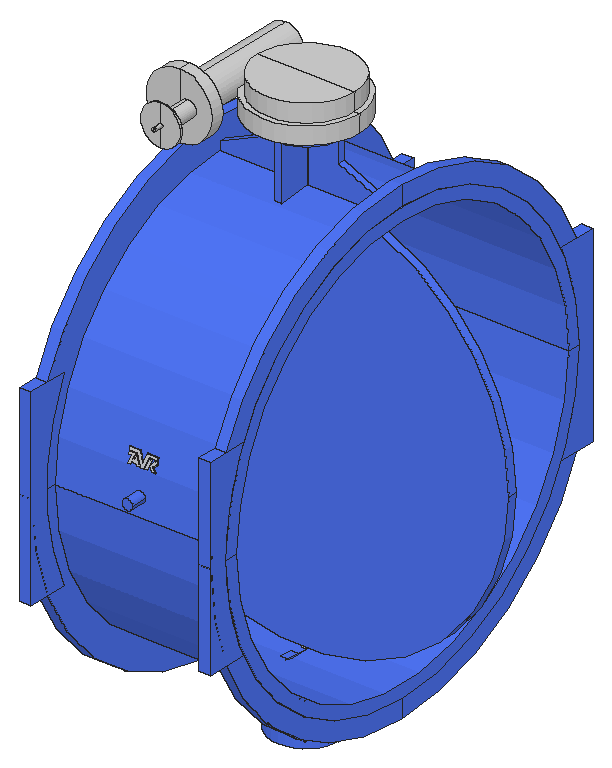
Revit family "756-102-IS2-DN700-2800", category Pipe Accessories, Revit 2019
Family settings
  Round Connector Dimension = Use Diameter
  Part Type = Valve - Breaks Into
  Work Plane-Based = No
  Always vertical = Yes
  Cut with Voids When Loaded = No
  Shared = No
Parameters (values of type "DN2400_PN10")
  W2_Ref = size_lookup(Search_table, "W2_Ref", 0 mm, DN) / 2  # 345 mm
  T(Addon) = size_lookup(Search_table, "T(Addon)", 0 mm, DN)  # 1668 mm
  Offset = size_lookup(Search_table, "Offset", 0 mm, DN)  # 3 mm
  GB_Width_Ref = if(DN > 599 mm, L / 3, if(DN > 149 mm, GB_Width, GB_Width))  # 370 mm
  GB_Width_3 = size_lookup(Search_table, "GB_Width", 0 mm, DN) / 2  # 311.5 mm
  GB_Ref = GB_HW_2 / 2.5  # 46 mm
  GB_HW_2 = GB_HW / 3  # 115 mm
  GB_HW = size_lookup(Search_table, "GB_HW", 0 mm, DN) / 2  # 345 mm
  Disc_width = if(DN > 999 mm, 50 mm, if(DN > 699 mm, 40 mm, if(DN > 499 mm, 35 mm, if(DN > 399 mm, 25 mm, if(DN > 349 mm, 20 mm, if(DN > 249 mm, 15 mm, if(DN > 149 mm, 10 mm, 10 mm)))))))  # 50 mm
  Disc_Dia = size_lookup(Search_table, "Disc_Dia", 0 mm, DN)  # 2382.4 mm
  DN2600_PN16 = "756-2600-1-1400209"
  DN2400_PN16 = "756-2400-1-1400209"
  DN2200_PN16 = "756-2200-1-1400209"
  DN2000_PN16 = "756-2000-1-1400209"
  DN1800_PN16 = "756-1800-1-1400209"
  DN1600_PN16 = "756-1600-1-1400209"
  DN1500_PN16 = "756-1500-1-1400209"
  DN1400_PN16 = "756-1400-1-1400209"
  DN1200_PN16 = "756-1200-1-1400209"
  DN1000_PN16 = "756-1000-1-1400209"
  DN0900_PN16 = "756-0900-1-1400209"
  DN0900_PN10 = "756-0900-1-0400209"
  DN900 = yes
  DN0800_PN16 = "756-0800-1-1400209"
  DN0800_PN10 = "756-0800-1-0400209"
  DN800 = yes
  DN0700_PN16 = "756-0700-1-1400209"
  DN0700_PN10 = "756-0700-1-0400209"
  DN700 = yes
  DN1200_PN10 = "756-1200-1-0400209"
  DN1200 = yes
  DN1000_PN10 = "756-1000-1-0400209"
  DN1000 = yes
  C_Rod = if(DN > 999 mm, 48 mm, if(DN > 699 mm, 38 mm, if(DN > 499 mm, 33 mm, if(DN > 399 mm, 23 mm, if(DN > 349 mm, 18 mm, if(DN > 249 mm, 13 mm, if(DN > 149 mm, 9 mm, 9 mm)))))))  # 48 mm
  C = size_lookup(Search_table, "C", 0 mm, DN)  # 877 mm
  W4 = size_lookup(Search_table, "W4", 0 mm, DN)  # 2109 mm
  W3 = size_lookup(Search_table, "W3", 0 mm, DN)  # 2103 mm
  W2 = size_lookup(Search_table, "W2", 0 mm, DN)  # 1859 mm
  W1 = size_lookup(Search_table, "W1", 0 mm, DN)  # 1380 mm
  URL_product_pages = "https://www.avkvalves.com/P.aspx?no=756070010400209"
  Rib_width_2 = Gear_box_Mount_Flange_width * 2  # 404 mm
  Rib_width = L - (Flange_Thickness * 2)  # 970 mm
  Rib_height_2 = H1 - Flange_OD  # 188 mm
  Rib_depth = if(DN > 999 mm, 40 mm, if(DN > 699 mm, 30 mm, if(DN > 399 mm, 20 mm, 20 mm)))  # 40 mm
  Rib_height = Flange_OD / 1.1  # 1254.545 mm
  Rf_Dia = size_lookup(Search_table, "RF_Dia", 0 mm, DN) / 2  # 1272.5 mm
  RF_Cut_Thickness = 5 mm  # constant formula
  Pin_width = L / 2  # 555 mm
  Pin_dia = 60 mm
  Pin_Depth = (DN + size_lookup(Search_table, "Flange_OD", 0 mm, DN)) / 2  # 2580 mm
  L2 = size_lookup(Search_table, "L2", 0 mm, DN)  # 639 mm
  L1 = size_lookup(Search_table, "L1", 0 mm, DN)  # 633 mm
  L = size_lookup(Search_table, "L", 0 mm, DN)  # 1110 mm
  ID (Radius) = DN / 2  # 1200 mm
  H2 = size_lookup(Search_table, "H2", 0 mm, DN)  # 1613 mm
  H1 = B - GB_Dia  # 1568 mm
  Gear_box_depth = A - Body_wallthickness - 25 mm  # 613 mm
  GB_Width_2 = GB_Width_3 * 0.9  # 280.35 mm
  GB_Width = C - L / 2  # 322 mm
  GB_Flange = 5 mm  # constant formula
  GB_Dia = size_lookup(Search_table, "GB_Dia", 0 mm, DN) / 2  # 100 mm
  Flange_Thickness = size_lookup(Search_table, "Flange_Thickness", 0 mm, DN)  # 70 mm
  Flange_OD = size_lookup(Search_table, "Flange_OD", 0 mm, DN) / 2  # 1380 mm
  Description_ = "AVK DOUBLE ECC. BUTTERFLY VALVE, LONG"
  DN = 2400 mm
  Search_table = "756-102-IS2-DN700-2800"
  DN2800_PN10 = "756-2800-1-0400209"
  DN2600_PN10 = "756-2600-1-0400209"
  DN2800 = yes
  DN2400_PN10 = "756-2400-1-0400209"
  DN2600 = yes
  DN2200_PN10 = "756-2200-1-0400209"
  DN2400 = yes
  DN2000_PN10 = "756-2000-1-0400209"
  DN2200 = yes
  DN1800_PN10 = "756-1800-1-0400209"
  DN2000 = yes
  DN1600_PN10 = "756-1600-1-0400209"
  DN1800 = yes
  DN1500_PN10 = "756-1500-1-0400209"
  DN1600 = yes
  DN1400_PN10 = "756-1400-1-0400209"
  DN1400 = yes
  D1 = size_lookup(Search_table, "D1", 0 mm, DN) / 2  # 10 mm
  Bottom_width = size_lookup(Search_table, "Bottom_width", 0 mm, DN)  # 1103 mm
  Bottom_Depth = DN * 1.5  # 3600 mm
  Gear_box_Mount_width = size_lookup(Search_table, "Gear_box_Mount_width", 0 mm, DN) / 2  # 31 mm
  Gear_box_Mount_Flange_width = size_lookup(Search_table, "Gear_box_Mount_Flange_width", 0 mm, DN) / 2  # 202 mm
  Body_wallthickness = 10 mm  # constant formula
  B = size_lookup(Search_table, "B", 0 mm, DN)  # 1668 mm
  A2 = A / 1.7  # 381.176 mm
  A = size_lookup(Search_table, "A", 0 mm, DN)  # 648 mm
Types (28, lengths in mm): name | W2_Ref | T(Addon) | GB_Width_Ref | GB_Width_3 | GB_Ref | GB_HW_2 | GB_HW | Disc_width | Disc_Dia | C_Rod | C | W4 | W3 | W2 | W1 | Rib_width_2 | Rib_width | Rib_height_2 | Rib_depth | Rib_height | Rf_Dia | Pin_width | Pin_Depth | L2 | L1 | L | ID (Radius) | H2 | H1 | Gear_box_depth | GB_Width_2 | GB_Width | GB_Dia | Flange_Thickness | Flange_OD | DN | DN2800_PN10 | D1 | Bottom_width | Bottom_Depth | Gear_box_Mount_width | Gear_box_Mount_Flange_width | B | A2 | A
  (no name) | 345 | 1668 | 370 | 311.5 | 46 | 115 | 345 | 50 | 2382.4 | 48 | 877 | 2109 | 2103 | 1859 | 1380 | 404 | 970 | 188 | 40 | 1254.545 | 1272.5 | 555 | 2580 | 639 | 633 | 1110 | 1200 | 1613 | 1568 | 613 | 280.35 | 322 | 100 | 70 | 1380 | 2400 | "756-2800-1-0400209" | 10 | 1103 | 3600 | 31 | 202 | 1668 | 381.176 | 648
  DN0700_PN10 | 125 | 605 | 143.333 | 130 | 16.667 | 41.667 | 125 | 40 | 690 | 38 | 255 | 543 | 533 | 730 | 448 | 204 | 350 | 117.5 | 30 | 406.818 | 397 | 215 | 797.5 | 133 | 127 | 430 | 350 | 550 | 565 | 300 | 117 | 40 | 40 | 40 | 447.5 | 700 | "756-2800-1-0400209" | 10 | 395 | 1050 | 15.5 | 102 | 605 | 197.059 | 335
  DN0800_PN10 | 155 | 670 | 156.667 | 140 | 20.667 | 51.667 | 155 | 40 | 788.5 | 38 | 349 | 636 | 627 | 765 | 508 | 223 | 390 | 122 | 30 | 461.364 | 450 | 235 | 907.5 | 162 | 156 | 470 | 400 | 620 | 629.5 | 278 | 126 | 114 | 40.5 | 40 | 507.5 | 800 | "756-2800-1-0400209" | 10 | 460 | 1200 | 17 | 111.5 | 670 | 184.118 | 313
  DN0900_PN10 | 175 | 740 | 170 | 155 | 22 | 55 | 165 | 40 | 888.5 | 38 | 337 | 730 | 722 | 865 | 558 | 241 | 430 | 136.5 | 30 | 506.818 | 500 | 255 | 1007.5 | 192 | 186 | 510 | 450 | 690 | 694 | 307 | 139.5 | 82 | 46 | 40 | 557.5 | 900 | "756-2800-1-0400209" | 10 | 524 | 1350 | 18.5 | 120.5 | 740 | 201.176 | 342
  DN1000_PN10 | 203.5 | 836 | 183.333 | 175 | 28 | 70 | 210 | 50 | 988 | 48 | 306 | 824 | 816 | 1040 | 615 | 259 | 470 | 166 | 40 | 559.091 | 556 | 275 | 1115 | 222 | 216 | 550 | 500 | 770 | 781 | 434 | 157.5 | 31 | 55 | 40 | 615 | 1000 | "756-2800-1-0400209" | 10 | 588 | 1500 | 20 | 129.5 | 836 | 275.882 | 469
  DN1200_PN10 | 225 | 905 | 210 | 195 | 30 | 75 | 225 | 50 | 1174.5 | 48 | 346 | 993 | 986 | 1134 | 728 | 277 | 550 | 122.5 | 40 | 661.364 | 666 | 315 | 1327.5 | 275 | 269 | 630 | 600 | 855 | 850 | 434 | 175.5 | 31 | 80 | 40 | 727.5 | 1200 | "756-2800-1-0400209" | 10 | 653 | 1800 | 21 | 138.5 | 930 | 275.882 | 469
  DN0700_PN16 | 110 | 600 | 143.333 | 130 | 16.667 | 41.667 | 125 | 40 | 690 | 38 | 297 | 543 | 533 | 725 | 455 | 214 | 350 | 105 | 30 | 413.636 | 397 | 215 | 805.05 | 133 | 127 | 430 | 350.05 | 550 | 560 | 307 | 117 | 82 | 40 | 40 | 455 | 700.1 | "756-2800-1-0400209" | 10 | 427 | 1050.15 | 16.5 | 107 | 600 | 201.176 | 342
  DN0800_PN16 | 155 | 670 | 156.667 | 140 | 20.667 | 51.667 | 155 | 40 | 788.5 | 38 | 317 | 636 | 627 | 795 | 513 | 232 | 390 | 117 | 30 | 465.909 | 450 | 235 | 912.55 | 162 | 156 | 470 | 400.05 | 620 | 629.5 | 307 | 126 | 82 | 40.5 | 40 | 512.5 | 800.1 | "756-2600-1-0400209" | 10 | 492 | 1200.15 | 18 | 116 | 670 | 201.176 | 342
  DN0900_PN16 | 175 | 740 | 170 | 155 | 22 | 55 | 165 | 40 | 888.5 | 38 | 369 | 730 | 722 | 835 | 563 | 250 | 430 | 131.5 | 30 | 511.364 | 500 | 255 | 1012.55 | 192 | 186 | 510 | 450.05 | 690 | 694 | 278 | 139.5 | 114 | 46 | 40 | 562.5 | 900.1 | "756-2800-1-0400209" | 10 | 556 | 1350.15 | 19 | 125 | 740 | 184.118 | 313
  DN1000_PN16 | 203.5 | 837 | 183.333 | 175 | 28 | 70 | 210 | 50 | 988 | 48 | 306 | 824 | 816 | 1041 | 628 | 268 | 470 | 154.5 | 40 | 570.455 | 556 | 275 | 1127.55 | 222 | 216 | 550 | 500.05 | 770 | 782 | 434 | 157.5 | 31 | 55 | 40 | 627.5 | 1000.1 | "756-2800-1-0400209" | 10 | 620 | 1500.15 | 20.5 | 134 | 837 | 275.882 | 469
  DN1200_PN16 | 215 | 907.5 | 210 | 195 | 28.667 | 71.667 | 215 | 50 | 1174.5 | 48 | 346 | 993 | 986 | 1121 | 743 | 286 | 530 | 99.5 | 40 | 675 | 666 | 315 | 1342.55 | 275 | 269 | 630 | 600.05 | 855 | 842 | 434 | 175.5 | 31 | 75 | 50 | 742.5 | 1200.1 | "756-2800-1-0400209" | 10 | 685 | 1800.15 | 22 | 143 | 917 | 275.882 | 469
  DN1400_PN10 | 240 | 1012.5 | 236.667 | 206 | 32 | 80 | 240 | 50 | 1382 | 48 | 386 | 1189 | 1182 | 1241 | 838 | 295 | 610 | 124.5 | 40 | 761.364 | 763 | 355 | 1537.5 | 339 | 333 | 710 | 700 | 970 | 962 | 434 | 185.4 | 31 | 75 | 50 | 837.5 | 1400 | "756-2800-1-0400209" | 10 | 717 | 2100 | 22.5 | 147.5 | 1037 | 275.882 | 469
  DN1400_PN16 | 240 | 1017.5 | 236.667 | 214.5 | 32 | 80 | 240 | 50 | 1382 | 48 | 422 | 1189 | 1182 | 1253 | 843 | 304 | 610 | 121.5 | 40 | 765.909 | 763 | 355 | 1542.55 | 339 | 333 | 710 | 700.05 | 970 | 964 | 470 | 193.05 | 67 | 85 | 50 | 842.5 | 1400.1 | "756-2800-1-0400209" | 10 | 749 | 2100.15 | 23.5 | 152 | 1049 | 297.059 | 505
  DN1500_PN10 | 275 | 1090 | 250 | 223.5 | 36.667 | 91.667 | 275 | 50 | 1482 | 48 | 406 | 1281 | 1274 | 1341 | 893 | 313 | 650 | 144.5 | 40 | 811.364 | 818 | 375 | 1642.5 | 369 | 363 | 750 | 750 | 1070 | 1037 | 434 | 201.15 | 31 | 100 | 50 | 892.5 | 1500 | "756-2800-1-0400209" | 10 | 781 | 2250 | 24 | 156.5 | 1137 | 275.882 | 469
  DN1500_PN16 | 275 | 1105 | 250 | 232.5 | 36.667 | 91.667 | 275 | 50 | 1482 | 48 | 442 | 1281 | 1274 | 1353 | 913 | 323 | 650 | 139 | 40 | 827.273 | 818 | 375 | 1660.05 | 369 | 363 | 750 | 750.05 | 1070 | 1049 | 470 | 209.25 | 67 | 100 | 50 | 910 | 1500.1 | "756-2800-1-0400209" | 10 | 813 | 2250.15 | 24.5 | 161.5 | 1149 | 297.059 | 505
  DN1600_PN10 | 300 | 1180 | 263.333 | 241 | 40 | 100 | 300 | 50 | 1576 | 48 | 462 | 1366 | 1359 | 1428 | 958 | 332 | 690 | 156.5 | 40 | 870.455 | 875 | 395 | 1757.5 | 396 | 390 | 790 | 800 | 1145 | 1114 | 470 | 216.9 | 67 | 110 | 50 | 957.5 | 1600 | "756-2800-1-0400209" | 10 | 846 | 2400 | 25.5 | 166 | 1224 | 297.059 | 505
  DN1800_PN10 | 285 | 1299 | 290 | 259 | 38 | 95 | 285 | 50 | 1772 | 48 | 714 | 1547 | 1540 | 1490 | 1058 | 350 | 750 | 161.5 | 40 | 961.364 | 973 | 435 | 1957.5 | 454 | 448 | 870 | 900 | 1220 | 1219 | 570 | 233.1 | 279 | 80 | 60 | 1057.5 | 1800 | "756-2800-1-0400209" | 10 | 910 | 2700 | 26.5 | 175 | 1299 | 355.882 | 605
  DN2000_PN10 | 320 | 1462 | 316.667 | 276.5 | 42.667 | 106.667 | 320 | 50 | 1998 | 48 | 753 | 1760 | 1753 | 1653 | 1180 | 368 | 830 | 214.5 | 40 | 1056.818 | 1114 | 475 | 2162.5 | 527 | 521 | 950 | 1000 | 1382 | 1377 | 570 | 248.85 | 278 | 85 | 60 | 1162.5 | 2000 | "756-2800-1-0400209" | 10 | 974 | 3000 | 28 | 184 | 1462 | 355.882 | 605
  DN2200_PN10 | 325 | 1540 | 343.333 | 294 | 46.667 | 116.667 | 350 | 50 | 2187 | 48 | 794 | 1932 | 1926 | 1731 | 1275 | 386 | 910 | 175 | 40 | 1159.091 | 1180 | 515 | 2375 | 582 | 576 | 1030 | 1100 | 1472 | 1450 | 570 | 264.6 | 279 | 90 | 60 | 1275 | 2200 | "756-2800-1-0400209" | 10 | 1000 | 3300 | 29.5 | 193 | 1540 | 355.882 | 605
  DN2400_PN10 | 345 | 1668 | 370 | 311.5 | 46 | 115 | 345 | 50 | 2382.4 | 48 | 877 | 2109 | 2103 | 1859 | 1380 | 404 | 970 | 188 | 40 | 1254.545 | 1272.5 | 555 | 2580 | 639 | 633 | 1110 | 1200 | 1613 | 1568 | 613 | 280.35 | 322 | 100 | 70 | 1380 | 2400 | "756-2800-1-0400209" | 10 | 1103 | 3600 | 31 | 202 | 1668 | 381.176 | 648
  DN2600_PN10 | 400 | 1701 | 396.667 | 329 | 53.333 | 133.333 | 400 | 50 | 2582.4 | 48 | 879 | 2295 | 2289 | 2066 | 1490 | 422 | 1050 | 131 | 40 | 1345.455 | 1415 | 595 | 2780 | 699 | 693 | 1190 | 1300 | 1820 | 1611 | 600 | 296.1 | 284 | 250 | 70 | 1480 | 2600 | "756-2800-1-0400209" | 10 | 1167 | 3900 | 32 | 211 | 1861 | 373.529 | 635
  DN2600_PN16 | 400 | 1750 | 396.667 | 338 | 53.333 | 133.333 | 400 | 50 | 2582.4 | 48 | 920 | 2295 | 2289 | 2120 | 1535 | 432 | 1050 | 146 | 40 | 1385.455 | 1415 | 595 | 2824.05 | 699 | 693 | 1190 | 1300.05 | 1855 | 1670 | 755 | 304.2 | 325 | 250 | 70 | 1524 | 2600.1 | "756-2800-1-0400209" | 15 | 1199 | 3900.15 | 33 | 216 | 1920 | 464.706 | 790
  DN2800_PN10 | 385 | 1830 | 423.333 | 347 | 51.333 | 128.333 | 385 | 50 | 2752.2 | 48 | 957 | 2442 | 2441 | 2164 | 1600 | 441 | 1130 | 168 | 40 | 1445.455 | 1500 | 635 | 2990 | 739 | 738 | 1270 | 1400 | 1921 | 1758 | 613 | 312.3 | 322 | 215 | 70 | 1590 | 2800 | "756-2800-1-0400209" | 10 | 1232 | 4200 | 33.5 | 220.5 | 1973 | 381.176 | 648
  DN1600_PN16 | 300 | 1180 | 263.333 | 250 | 40 | 100 | 300 | 50 | 1576 | 48 | 462 | 1366 | 1359 | 1428 | 965 | 341 | 670 | 149 | 40 | 877.273 | 875 | 395 | 1765.05 | 396 | 390 | 790 | 800.05 | 1145 | 1114 | 470 | 225 | 67 | 110 | 60 | 965 | 1600.1 | "756-2800-1-0400209" | 10 | 878 | 2400.15 | 26 | 170.5 | 1224 | 297.059 | 505
  DN1800_PN16 | 280 | 1299 | 290 | 267.5 | 37.333 | 93.333 | 280 | 50 | 1772 | 48 | 714 | 1547 | 1540 | 1490 | 1065 | 359 | 750 | 154 | 40 | 968.182 | 973 | 435 | 1965.05 | 454 | 448 | 870 | 900.05 | 1220 | 1219 | 570 | 240.75 | 279 | 80 | 60 | 1065 | 1800.1 | "756-2800-1-0400209" | 10 | 942 | 2700.15 | 27.5 | 179.5 | 1299 | 355.882 | 605
  DN2400_PN16 | 345 | 1610 | 370 | 320.5 | 46 | 115 | 345 | 50 | 2381.3 | 48 | 732 | 2109 | 2103 | 1859 | 1382 | 413 | 970 | 155.5 | 40 | 1256.818 | 1272.5 | 555 | 2582.55 | 639 | 633 | 1110 | 1200.05 | 1584 | 1538 | 751 | 288.45 | 177 | 130 | 70 | 1382.5 | 2400.1 | "756-2800-1-0400209" | 15 | 1135 | 3600.15 | 31.5 | 206.5 | 1668 | 462.353 | 786
  DN2000_PN16 | 320 | 1461 | 316.667 | 285 | 42.667 | 106.667 | 320 | 50 | 1998 | 48 | 754 | 1760 | 1753 | 1652 | 1180 | 377 | 830 | 203.5 | 40 | 1065.909 | 1114 | 475 | 2172.55 | 527 | 521 | 950 | 1000.05 | 1382 | 1376 | 570 | 256.5 | 279 | 85 | 60 | 1172.5 | 2000.1 | "756-2800-1-0400209" | 10 | 1006 | 3000.15 | 29 | 188.5 | 1461 | 355.882 | 605
  DN2200_PN16 | 325 | 1566 | 343.333 | 303 | 46.667 | 116.667 | 350 | 50 | 2187 | 48 | 858 | 1932 | 1926 | 1742 | 1278 | 395 | 910 | 183.5 | 40 | 1161.364 | 1180 | 515 | 2377.55 | 582 | 576 | 1030 | 1100.05 | 1482 | 1461 | 599 | 272.7 | 343 | 90 | 60 | 1277.5 | 2200.1 | "756-2800-1-0400209" | 10 | 1000 | 3300.15 | 30 | 197.5 | 1551 | 372.941 | 634
Reference planes
  plane 1 "Center (Front/Back)": y = 0
  plane 2: z = 0
  plane 3 "Center (Left/Right)": x = 0
  plane 4: y = 1200
  plane 5: y = 1210
  plane 6: x = 555
  plane 7: x = 485
  plane 8: x = -485
  plane 9: x = -555
  plane 10: z = 1568
  plane 11: x = 202
  plane 12: z = 1498
  plane 13: z = -1613
  plane 14: x = 202
  plane 15: z = -1543
  plane 16: x = 31
  plane 17: x = 202
  plane 18: x = -202
  plane 19: z = 1568
  plane 20: z = 1380
  plane 21: z = 1200
  plane 22: x = 485
  plane 23: x = -485
  plane 24: z = 1254.545
  plane 25: y = 20
  plane 26: y = -20
  plane 27: x = 202
  plane 28: x = -202
  plane 29: z = -1613
  plane 30: z = -1425
  plane 31: z = -1200
  plane 32: x = 485
  plane 33: x = -485
  plane 34: z = -1254.545
  plane 35: y = 202
  plane 36: y = -202
  plane 37: x = -20
  plane 38: x = 20
  plane 39: y = -172
  plane 40: z = -1613
  plane 41: x = 31
  plane 42: y = 1200
  plane 43: y = -1200
  plane 44: y = 1290
  plane 45: y = -1290
  plane 46: z = 1859
  plane 47: z = 1668
  plane 48: y = -648
  plane 49: x = -322
  plane 50: x = -370
  plane 51: y = 25
  plane 52: y = -25
  plane 53: z = 1668
  plane 54: z = 1673
  plane 55: z = 1663
  plane 56: z = 1714
  plane 57: z = 1622
  plane 58: x = -177
  plane 59: z = 1054.5
  plane 60: z = 1051.5
  plane 61: z = -1054.5
  plane 62: z = -1051.5
  plane 63: z = 1678
  plane 64: z = 1658
Forms (mm)
  Revolve 1, solid, material "Plastic"
    sketch origin (0, 0, 0) x (1, 0, 0) y (0, 1, 0)
      loop
        line (-485, 1210) -> (-485, 1380) -> (-555, 1380) -> (-555, 1200) -> (555, 1200) -> (555, 1380) -> (485, 1380) -> (485, 1210) -> (-485, 1210)
      axis (-555, 0) -> (555, 0)
    angle from 0 to 360
  Revolve 2, solid, material "Plastic"
    sketch origin (0, 0, 0) x (1, 0, 0) y (0, 0, 1)
      loop
        line (31, 1498) -> (202, 1498) -> (202, 1568) -> (0, 1568) -> (0, 1200) -> (31, 1200) -> (31, 1498)
      axis (0, 1200) -> (0, 1568)
    angle from 0 to 360
  Revolve 3, solid, material "Plastic"
    sketch origin (0, 0, 0) x (1, 0, 0) y (0, 0, -1)
      loop
        line (31, 1200) -> (31, 1543) -> (202, 1543) -> (202, 1613) -> (0, 1613) -> (0, 1200) -> (31, 1200)
      axis (0, 1200) -> (0, 1613)
    angle from 0 to 360
  Extrusion 4, solid, material "Plastic"
    sketch origin (0, 0, 0) x (1, 0, 0) y (0, 0, 1)
      loop
        line (202, 1568) -> (-202, 1568) -> (-202, 1380) -> (-485, 1254.545) -> (-485, 1200) -> (485, 1200) -> (485, 1254.545) -> (202, 1380) -> (202, 1568)
    from -20 to 20
  Extrusion 5, solid, material "Plastic"
    sketch origin (0, 0, 0) x (1, 0, 0) y (0, 0, 1)
      loop
        line (202, -1613) -> (202, -1425) -> (485, -1254.545) -> (485, -1200) -> (-485, -1200) -> (-485, -1254.545) -> (-202, -1425) -> (-202, -1613) -> (202, -1613)
    from -20 to 20
  Extrusion 6, solid, material "Plastic"
    sketch origin (0, 0, 0) x (0, 1, 0) y (0, 0, 1)
      loop
        line (202, 1498) -> (-202, 1498) -> (-202, -1543) -> (202, -1543) -> (202, 1498)
    from -20 to 20
  Extrusion 7, void
    sketch origin (0, 0, 0) x (0, 1, 0) y (0, 0, 1)
      loop
        circle (0, 0) r 1200
    from -555 to 555
  Extrusion 8, solid, material "Plastic"
    sketch origin (0, 0, 0) x (1, 0, 0) y (0, 0, 1)
      loop
        circle (0, 100.904) r 30
    from -1290 to -1200
  Extrusion 9, solid, material "Plastic"
    sketch origin (0, 0, 0) x (1, 0, 0) y (0, 0, 1)
      loop
        circle (0, 100.904) r 30
    from 1290 to 1200
  Extrusion 10, solid, material "Stainless Steel AISI 304"
    sketch origin (0, 0, 0) x (1, 0, 0) y (0, 0, 1)
      loop
        line (-327, 1714) -> (-327, 1673) -> (-368, 1673) -> (-368, 1663) -> (-327, 1663) -> (-327, 1622) -> (-317, 1622) -> (-317, 1663) -> (-276, 1663) -> (-276, 1673) -> (-317, 1673) -> (-317, 1714) -> (-327, 1714)
    from 613 to 638
  Revolve 11, solid, material "Stainless Steel AISI 304"
    sketch origin (0, 0, 0) x (1, 0, 0) y (0, 0, 1)
      loop
        line (0, 1568) -> (311.5, 1568) -> (311.5, 1668) -> (0, 1668) -> (0, 1568)
      axis (0, 1568) -> (0, 1668)
    angle from 0 to 360
  Revolve 12, solid, material "Stainless Steel AISI 304"
    sketch origin (0, 0, 0) x (1, 0, 0) y (0, 0, 1)
      loop
        line (0, 1668) -> (280.35, 1668) -> (280.35, 1768) -> (0, 1768) -> (0, 1668)
      axis (0, 1668) -> (0, 1768)
    angle from 0 to 360
  Revolve 13, solid, material "Stainless Steel AISI 304"
    sketch origin (-322, -1524, 167.638) x (0, 0, -1) y (0, -1, 0)
      loop
        line (-1615.362, -886) -> (-1500.362, -886) -> (-1500.362, -876) -> (-1615.362, -876) -> (-1615.362, -886)
      axis (-1500.362, -886) -> (-1500.362, -876)
    angle from 0 to 360
  Revolve 14, solid, material "Stainless Steel AISI 304"
    sketch origin (-322, -1524, 167.638) x (0, 0, -1) y (0, -1, 0)
      loop
        line (-1546.362, -1072.824) -> (-1500.362, -1072.824) -> (-1500.362, -911) -> (-1546.362, -911) -> (-1546.362, -1072.824)
      axis (-1500.362, -1072.824) -> (-1500.362, -911)
    angle from 0 to 360
  Revolve 15, solid, material "Stainless Steel AISI 304"
    sketch origin (-370, -1524, 508) x (0, 0, 1) y (0, -1, 0)
      loop
        line (1160, -1835.5) -> (1160, -1142.824) -> (1060, -1142.824) -> (1060, -1835.5) -> (1160, -1835.5)
      axis (1160, -1835.5) -> (1160, -1142.824)
    angle from 0 to 360
  Revolve 16, solid, material "Stainless Steel AISI 304"
    sketch origin (-370, -1524, 508) x (0, 0, 1) y (0, -1, 0)
      loop
        line (1160, -1142.824) -> (1351, -1142.824) -> (1351, -1072.824) -> (1160, -1072.824) -> (1160, -1142.824)
      axis (1160, -1142.824) -> (1160, -1072.824)
    angle from 0 to 360
  Revolve 17, solid, material "Stainless Steel AISI 304"
    sketch origin (-322, -1524, 167.638) x (0, 0, -1) y (0, -1, 0)
      loop
        line (-1500.362, -876) -> (-1500.362, -826) -> (-1510.362, -826) -> (-1510.362, -876) -> (-1500.362, -876)
      axis (-1500.362, -826) -> (-1500.362, -876)
    angle from 0 to 360
  Extrusion 18, solid, material "Plastic(1)"
    sketch origin (0, 0, 0) x (1, 0, 0) y (0, 0, 1)
      loop
        circle (-3, 0) r 1191.2
    from -25 to 25
  Extrusion 19, solid
    sketch origin (0, 0, 0) x (1, 0, 0) y (0, 1, 0)
      loop
        circle (0, 0) r 24
    from -1613 to 1568
  Revolve 20, void
    sketch origin (0, 0, 0) x (1, 0, 0) y (0, 0, 1)
      loop
        line (555, 1380) -> (550, 1380) -> (550, 1272.5) -> (555, 1272.5) -> (555, 1380)
      loop
        line (-555, 1380) -> (-555, 1272.5) -> (-550, 1272.5) -> (-550, 1380) -> (-555, 1380)
      axis (-555, 0) -> (555, 0)
    angle from 0 to 360
  Extrusion 21, solid, material "Plastic"
    sketch origin (-322, -1524, 167.638) x (0, 0, -1) y (0, -1, 0)
      loop
        line (719.138, -377.22) -> (719.138, -144) -> (-383.862, -144) -> (-383.862, -377.22)
        arc (-383.862, -377.22) -> (167.638, -251.5) -> (719.138, -377.22) r 1272.5
      loop
        line (-383.862, -2670.78) -> (-383.862, -2904) -> (719.138, -2904) -> (719.138, -2670.78)
        arc (719.138, -2670.78) -> (167.638, -2796.5) -> (-383.862, -2670.78) r 1272.5
    from 163 to 228
  Extrusion 22, solid, material "Plastic"
    sketch origin (-322, -1524, 167.638) x (0, 0, -1) y (0, -1, 0)
      loop
        line (-383.862, -2670.78) -> (-383.862, -2904) -> (719.138, -2904) -> (719.138, -2670.78)
        arc (719.138, -2670.78) -> (167.638, -2796.5) -> (-383.862, -2670.78) r 1272.5
      loop
        line (-383.862, -144) -> (-383.862, -377.22)
        arc (-383.862, -377.22) -> (167.638, -251.5) -> (719.138, -377.22) r 1272.5
        line (719.138, -377.22) -> (719.138, -144) -> (-383.862, -144)
    from -872 to -807
Cuts and joins
  Extrusion 7, Revolve 20 cuts Revolve 1
  Extrusion 7 cuts Extrusion 6
Dimensions and locks
  equal spacing: plane 9, plane 3 "Center (Left/Right)", plane 6
  "L": plane 9 to plane 6
  "ID (Radius)": plane 4 to plane 1 "Center (Front/Back)"
  "Body_wallthickness": plane 5 to plane 4
  "Flange_Thickness": plane 7 to plane 6
  "Flange_Thickness": plane 9 to plane 8
  "Flange_OD": plane 1 "Center (Front/Back)" to Revolve 1 sketch curve
  "Flange_Thickness": plane 10 to plane 12
  "ID (Radius)": Revolve 2 sketch curve to level
  "Gear_box_Mount_Flange_width": plane 3 "Center (Left/Right)" to plane 11
  "Flange_Thickness": plane 13 to plane 15
  "H2": level to plane 13
  "ID (Radius)": level to Revolve 3 sketch curve
  "ID (Radius)": plane 21 to level
  "H1": plane 19 to level
  "Gear_box_Mount_Flange_width": plane 3 "Center (Left/Right)" to plane 17
  "Gear_box_Mount_Flange_width": plane 18 to plane 3 "Center (Left/Right)"
  "Rib_height": plane 24 to level
  equal spacing: plane 25, plane 1 "Center (Front/Back)", plane 26
  "Rib_depth": plane 25 to plane 26
  equal spacing: plane 22, plane 3 "Center (Left/Right)", plane 23
  "Rib_width": plane 22 to plane 23
  "Rib_height_2": plane 19 to plane 20
  "Rib_height_2": plane 29 to plane 30
  "Rib_height": level to plane 34
  "Gear_box_Mount_Flange_width": plane 28 to plane 3 "Center (Left/Right)"
  "Gear_box_Mount_Flange_width": plane 3 "Center (Left/Right)" to plane 27
  "ID (Radius)": level to plane 31
  "H2": level to plane 29
  equal spacing: plane 32, plane 3 "Center (Left/Right)", plane 33
  "Rib_width": plane 32 to plane 33
  equal spacing: plane 35, plane 1 "Center (Front/Back)", plane 36
  equal spacing: plane 37, plane 3 "Center (Left/Right)", plane 38
  "Rib_depth": plane 37 to plane 38
  "Rib_width_2": plane 35 to plane 36
  locked: plane 1 "Center (Front/Back)" to plane 39 at 172
  "H2": level to plane 40
  "Gear_box_Mount_width": plane 41 to plane 3 "Center (Left/Right)"
  "Gear_box_Mount_width": plane 3 "Center (Left/Right)" to plane 16
  "Gear_box_Mount_Flange_width": plane 3 "Center (Left/Right)" to plane 14
  equal spacing: plane 42, plane 1 "Center (Front/Back)", plane 43
  "DN": plane 42 to plane 43
  equal spacing: plane 44, plane 1 "Center (Front/Back)", plane 45
  "Pin_Depth": plane 44 to plane 45
  "W2": plane 46 to level
  "H1": plane 10 to level
  "T(Addon)": plane 47 to level
  "A": plane 1 "Center (Front/Back)" to plane 48
  "GB_Width_3": Revolve 11 sketch curve to Revolve 11 sketch curve
  "GB_Width_2": Revolve 12 sketch curve to plane 3 "Center (Left/Right)"
  equal spacing: Revolve 12 sketch curve, plane 47, Revolve 11
  "GB_Width": plane 3 "Center (Left/Right)" to plane 49
  "Body_wallthickness": Revolve 13 sketch curve to Revolve 13 sketch curve
  cut or joined group of Revolve 1, Extrusion 7, Revolve 20 to cut or joined group of Revolve 1, Extrusion 7, Revolve 20 = 1110 mm
  "C": plane 49 to cut or joined group of Revolve 1, Extrusion 7, Revolve 20
  "Gear_box_depth": plane 1 "Center (Front/Back)" to Revolve 14 sketch curve
  "GB_HW_2": Revolve 13 sketch curve to Revolve 13 sketch curve
  "GB_Width_Ref": plane 3 "Center (Left/Right)" to plane 50
  "GB_Width_3": Revolve 15 sketch curve to plane 1 "Center (Front/Back)"
  "Flange_Thickness": Revolve 15 to Revolve 16 sketch curve
  "A2": plane 1 "Center (Front/Back)" to Revolve 15 sketch curve
  "D1": Revolve 17 sketch curve to Revolve 17 sketch curve
  locked: Revolve 17 sketch curve to Revolve 17 sketch curve at 50
  "Offset": plane 3 "Center (Left/Right)" to Extrusion 18 sketch curve
  equal spacing: plane 51, plane 1 "Center (Front/Back)", plane 52
  "Disc_width": plane 51 to plane 52
  equal spacing: plane 42, Extrusion 19 sketch curve, plane 43
  equal spacing: cut or joined group of Revolve 1, Extrusion 7, Revolve 20, plane 3 "Center (Left/Right)", cut or joined group of Revolve 1, Extrusion 7, Revolve 20
  Extrusion 18 to cut or joined group of Revolve 1, Extrusion 7, Revolve 20 = 639.2 mm
  cut or joined group of Revolve 1, Extrusion 7, Revolve 20 to Extrusion 18 = 633.2 mm
  "Rf_Dia": Revolve 20 sketch curve to level
  "Flange_OD": Revolve 20 sketch curve to level
  "RF_Cut_Thickness": Revolve 20 sketch curve to cut or joined group of Revolve 1, Extrusion 7, Revolve 20
  "RF_Cut_Thickness": cut or joined group of Revolve 1, Extrusion 7, Revolve 20 to Revolve 20 sketch curve
  equal spacing: Extrusion 21 sketch curve, level, Extrusion 21 sketch curve  (x2)
  "Bottom_width": Extrusion 21 sketch curve to Extrusion 21 sketch curve  (x2)
  "W1": plane 1 "Center (Front/Back)" to Extrusion 21 sketch curve
  "W1": Extrusion 21 sketch curve to plane 1 "Center (Front/Back)"
  "GB_Ref": Revolve 14 sketch curve to Revolve 14 sketch curve
  "W1": plane 1 "Center (Front/Back)" to Extrusion 21
  "B": level to Revolve 14 sketch curve
  "B": level to Revolve 13 sketch curve
  "B": level to Revolve 17 sketch curve
  "B": plane 53 to level
  equal spacing: plane 56, plane 53, plane 57
  "GB_Ref": plane 56 to plane 53
  equal spacing: plane 54, plane 53, plane 55
  "Body_wallthickness": plane 54 to plane 55
  equal spacing: Extrusion 10 sketch curve, plane 49, Extrusion 10 sketch curve  (x2)
  "Body_wallthickness": Extrusion 10 sketch curve to Extrusion 10 sketch curve
  "GB_Ref": plane 49 to Extrusion 10 sketch curve
  "W4": plane 59 to plane 61
  "W3": plane 60 to plane 62
  equal spacing: plane 59, level, plane 61
  equal spacing: plane 60, level, plane 62
  "Pin_dia": diameter of Extrusion 8 sketch curve
  "Disc_Dia": diameter of Extrusion 18 sketch curve
  "C_Rod": diameter of Extrusion 19 sketch curve
  aligned and locked: level to plane 2
  aligned and locked: Revolve 1 sketch curve to plane 4
  aligned and locked: plane 5 to Revolve 1 sketch curve
  aligned and locked: Revolve 1 sketch curve to plane 6
  aligned and locked: Revolve 1 sketch curve to plane 7
  aligned and locked: Revolve 1 sketch curve to plane 8
  aligned and locked: Revolve 1 sketch curve to plane 9
  aligned and locked: Revolve 1 sketch curve to Revolve 1 sketch curve
  aligned and locked: plane 1 "Center (Front/Back)" to Revolve 1 sketch curve
  aligned and locked: Revolve 2 sketch curve to Revolve 2 sketch curve
  aligned and locked: Revolve 2 sketch curve to plane 10
  aligned and locked: Revolve 2 sketch curve to plane 11  (x2)
  aligned and locked: plane 12 to Revolve 2 sketch curve
  aligned and locked: Revolve 2 sketch curve to plane 3 "Center (Left/Right)"
  aligned and locked: Revolve 3 sketch curve to plane 14
  aligned and locked: plane 13 to Revolve 3 sketch curve
  aligned and locked: Extrusion 4 sketch curve to plane 17  (x2)
  aligned and locked: Extrusion 4 sketch curve to plane 19
  aligned and locked: Extrusion 4 sketch curve to plane 18  (x2)
  aligned and locked: plane 19 to Extrusion 4 sketch curve
  aligned and locked: Extrusion 4 sketch curve to plane 20
  aligned and locked: plane 20 to Extrusion 4 sketch curve
  aligned and locked: Extrusion 4 sketch curve to plane 24
  aligned and locked: plane 22 to Extrusion 4 sketch curve  (x2)
  aligned and locked: plane 24 to Extrusion 4 sketch curve
  aligned and locked: plane 23 to Extrusion 4 sketch curve  (x2)
  aligned and locked: plane 21 to Extrusion 4 sketch curve
  aligned and locked: Extrusion 4 to plane 25
  aligned and locked: plane 26 to Extrusion 4
  aligned and locked: Extrusion 5 sketch curve to plane 27  (x2)
  aligned and locked: plane 32 to Extrusion 5 sketch curve  (x2)
  aligned and locked: plane 33 to Extrusion 5 sketch curve  (x2)
  aligned and locked: plane 31 to Extrusion 5 sketch curve  (x2)
  aligned and locked: Extrusion 5 sketch curve to plane 34
  aligned and locked: plane 28 to Extrusion 5 sketch curve  (x2)
  aligned and locked: Extrusion 5 sketch curve to plane 30
  aligned and locked: plane 30 to Extrusion 5 sketch curve
  aligned and locked: Extrusion 5 sketch curve to plane 29
  aligned and locked: plane 29 to Extrusion 5 sketch curve
  aligned and locked: plane 34 to Extrusion 5 sketch curve
  aligned and locked: plane 35 to Extrusion 6 sketch curve
  aligned and locked: Extrusion 6 sketch curve to plane 36
  aligned and locked: Extrusion 6 sketch curve to Revolve 2
  aligned and locked: Extrusion 6 to plane 38
  aligned and locked: Extrusion 6 to plane 37
  aligned and locked: Extrusion 7 sketch curve to Revolve 1  (x2)
  aligned and locked: Revolve 2 sketch curve to plane 41  (x2)
  aligned and locked: plane 16 to Revolve 3 sketch curve
  aligned and locked: plane 15 to Revolve 3 sketch curve
  aligned and locked: Revolve 3 sketch curve to plane 15
  aligned and locked: plane 3 "Center (Left/Right)" to Revolve 3 sketch curve
  aligned and locked: Revolve 3 sketch curve to plane 3 "Center (Left/Right)"
  aligned and locked: Revolve 3 sketch curve to Revolve 3 sketch curve
  aligned and locked: plane 14 to Revolve 3 sketch curve
  aligned and locked: Extrusion 8 to plane 42
  aligned and locked: Extrusion 9 sketch curve to Extrusion 8  (x2)
  aligned and locked: plane 43 to Extrusion 9
  aligned and locked: Extrusion 8 to plane 44
  aligned and locked: plane 45 to Extrusion 9
  aligned and locked: Extrusion 7 to Revolve 1  (x2)
  aligned and locked: plane 47 to Revolve 11 sketch curve
  aligned and locked: plane 3 "Center (Left/Right)" to Revolve 11 sketch curve
  aligned and locked: Revolve 12 sketch curve to plane 3 "Center (Left/Right)"
  aligned and locked: Revolve 12 sketch curve to Revolve 11
  aligned and locked: Revolve 12 sketch curve to Revolve 12 sketch curve
  aligned and locked: Revolve 13 sketch curve to plane 48
  aligned and locked: Revolve 13 sketch curve to Revolve 13 sketch curve
  aligned and locked: Extrusion 10 to Revolve 13
  aligned and locked: Revolve 11 sketch curve to Revolve 2
  aligned and locked: Revolve 14 sketch curve to Revolve 14 sketch curve
  aligned and locked: Revolve 14 to Extrusion 10
  aligned and locked: Revolve 15 sketch curve to Revolve 11  (x2)
  aligned and locked: Revolve 15 sketch curve to Revolve 15 sketch curve
  aligned and locked: Revolve 16 sketch curve to Revolve 15
  aligned and locked: plane 47 to Revolve 16 sketch curve
  aligned and locked: Revolve 16 sketch curve to Revolve 16 sketch curve
  aligned and locked: Revolve 16 to Revolve 14 sketch curve
  aligned and locked: Revolve 13 to Revolve 17 sketch curve
  aligned and locked: Revolve 17 sketch curve to Revolve 17 sketch curve
  aligned and locked: Extrusion 18 to plane 51
  aligned and locked: Extrusion 18 to plane 52
  aligned and locked: Revolve 2 to Extrusion 19
  aligned and locked: Revolve 20 sketch curve to cut or joined group of Revolve 1, Extrusion 7, Revolve 20  (x2)
  aligned and locked: Revolve 20 sketch curve to Revolve 20 sketch curve  (x2)
  aligned and locked: Revolve 20 sketch curve to plane 2
  aligned and locked: Extrusion 5 to plane 26
  aligned and locked: plane 25 to Extrusion 5
  aligned and locked: plane 3 "Center (Left/Right)" to nested 1
  aligned and locked: Extrusion 21 sketch curve to cut or joined group of Revolve 1, Extrusion 7, Revolve 20  (x2)
  aligned and locked: cut or joined group of Revolve 1, Extrusion 7, Revolve 20 to Extrusion 21
  aligned and locked: Extrusion 21 to Extrusion 4
  aligned and locked: Extrusion 22 sketch curve to Extrusion 21  (x8)
  aligned and locked: Extrusion 22 to cut or joined group of Revolve 1, Extrusion 7, Revolve 20
  aligned and locked: Extrusion 4 to Extrusion 22
  aligned and locked: plane 56 to Extrusion 10 sketch curve  (x2)
  aligned and locked: plane 57 to Extrusion 10 sketch curve  (x2)
  aligned and locked: plane 54 to Extrusion 10 sketch curve  (x2)
  aligned and locked: plane 55 to Extrusion 10 sketch curve  (x2)
  aligned and locked: Extrusion 10 sketch curve to Extrusion 10 sketch curve  (x4)
  aligned and locked: Revolve 16 sketch curve to plane 46
  aligned and locked: Extrusion 6 to Revolve 3
  aligned and locked: Extrusion 19 to plane 40
Automatic sketch dimensions
  Extrusion 8 sketch curve to plane 3 "Center (Left/Right)" = 0 mm
  level to Extrusion 8 sketch curve = 100.904 mm
  Revolve 1 sketch curve to plane 50 = 1.667 mm
  Revolve 1 sketch curve to plane 38 = 19.183 mm
  Revolve 2 sketch curve to plane 46 = 0.25 mm
  Revolve 3 sketch curve to plane 13 = 22.75 mm
  Revolve 3 sketch curve to Revolve 3 sketch curve = 3.75 mm
  plane 40 to Extrusion 6 sketch curve = 70 mm
  Revolve 11 sketch curve to plane 3 "Center (Left/Right)" = 0 mm
  Revolve 11 sketch curve to Revolve 11 sketch curve = 47.603 mm
  Revolve 11 sketch curve to Revolve 11 sketch curve = 3 mm
  Revolve 12 sketch curve to plane 60 = 47.687 mm
  Revolve 13 sketch curve to Revolve 13 sketch curve = 2.702 mm
  Revolve 13 sketch curve to Revolve 13 sketch curve = 2.298 mm
  plane 39 to Revolve 14 sketch curve = 20.5 mm
  Revolve 14 sketch curve to Revolve 14 sketch curve = 4.74 mm
  Revolve 15 sketch curve to plane 51 = 15 mm
  plane 52 to Revolve 15 sketch curve = 50 mm
  Revolve 16 sketch curve to Revolve 16 sketch curve = 5 mm
  Revolve 16 sketch curve to Revolve 16 sketch curve = 15 mm
  plane 43 to Revolve 17 sketch curve = 4 mm
  plane 45 to Revolve 17 sketch curve = 17 mm
  Extrusion 18 sketch curve to level = 0 mm
  Extrusion 19 sketch curve to plane 3 "Center (Left/Right)" = 0 mm
  plane 37 to Revolve 20 sketch curve = 1.833 mm
  Revolve 20 sketch curve to plane 38 = 95 mm
  Revolve 12 sketch curve to plane 63 = 7.796 mm
  plane 46 to Revolve 2 sketch curve = 38.5 mm
Nested families
  nested 1: "LOGO 600" at (0, -1185.049, 244.454) x (1, 0, 0) z (0, -0.9794, 0.202), type "LOGO 600"
Connectors
  piping at (555, 0, 0), diameter 2400, driven by "DN"
    settings: on Extrusion 7, index 1, connector inside diameter 609.6 mm, connector length 0 mm, flow factor 0, pipe flow 0.0 L/s, pressure drop 0.0 Pa, fitting loss kfactor 0, connector angle 0.00°, fixture units 0, engagement length 0 mm, angle of deflection 0.00°, flow configuration 0, flow direction 0, fitting loss method 0, system type 7, joint type 0, gender type 0, connector reference index -1, connector utility 0, adjustable connector no, is connector primary yes, connector description ""
  piping at (-555, 0, 0), diameter 2400, driven by "DN"
    settings: on Extrusion 7, index 2, connector inside diameter 609.6 mm, connector length 0 mm, flow factor 0, pipe flow 0.0 L/s, pressure drop 0.0 Pa, fitting loss kfactor 0, connector angle 0.00°, fixture units 0, engagement length 0 mm, angle of deflection 0.00°, flow configuration 0, flow direction 0, fitting loss method 0, system type 7, joint type 0, gender type 0, connector reference index -1, connector utility 0, adjustable connector no, is connector primary no, connector description ""
Definition of nested family "LOGO 600"
  Parameters (values of type "LOGO 600")
    Default Elevation = 1219.2 mm
    DN600 = yes
  Reference planes
    plane 1 "Center (Front/Back)": y = 0
    plane 2: z = 0
    plane 3 "Center (Left/Right)": x = 0
  Forms (mm)
    Extrusion 1, solid
      sketch origin (0, 0, 0) x (1, 0, 0) y (0, 1, 0)
        loop
          line (-1219.2, 1219.2) -> (-1219.2, -1219.2) -> (1219.2, -1219.2) -> (1219.2, 1219.2) -> (-1219.2, 1219.2)
      from 0 to -304.8
    Extrusion 2, solid, visible <- "DN600"
      sketch origin (0, 0, 0) x (1, 0, 0) y (0, 1, 0)
        loop
          line (-22.357, 78.446) -> (-82.368, 78.446) -> (-82.368, 62.168) -> (-33.516, 62.168) -> (-8.205, 0) -> (8.205, 0) -> (33.516, 62.168) -> (82.368, 62.168) -> (82.368, 78.446) -> (22.357, 78.446) -> (0, 23.534) -> (-22.357, 78.446)
        loop
          line (-37.737, 55.893) -> (-82.368, 55.893) -> (-82.368, 40.203) -> (-66.935, 40.203) -> (-82.368, 0) -> (-64.932, 0) -> (-61.62, 8.629) -> (-36.069, 8.629) -> (-32.556, 0) -> (-14.981, 0) -> (-37.737, 55.893)
        loop
          line (-57.579, 23.534) -> (-42.137, 23.534) -> (-50.086, 43.055) -> (-57.579, 23.534)
        loop
          line (55.312, 55.893) -> (37.737, 55.893) -> (14.981, 0) -> (32.556, 0) -> (41.503, 21.977) -> (58.064, 0) -> (78.446, 0) -> (59.714, 24.857)
          arc (59.714, 24.857) -> (70.64, 30.248) -> (77.661, 40.203) r 24.71
          line (77.661, 40.203) -> (82.368, 40.203) -> (82.368, 55.893) -> (66.679, 55.893)
          arc (66.679, 55.893) -> (60.961, 41.731) -> (47.013, 35.51) r 20.396
          line (47.013, 35.51) -> (55.312, 55.893)
      from 0 to 1
  Dimensions and locks
    aligned and locked: plane 2 to Extrusion 1
    aligned and locked: level to Extrusion 1
